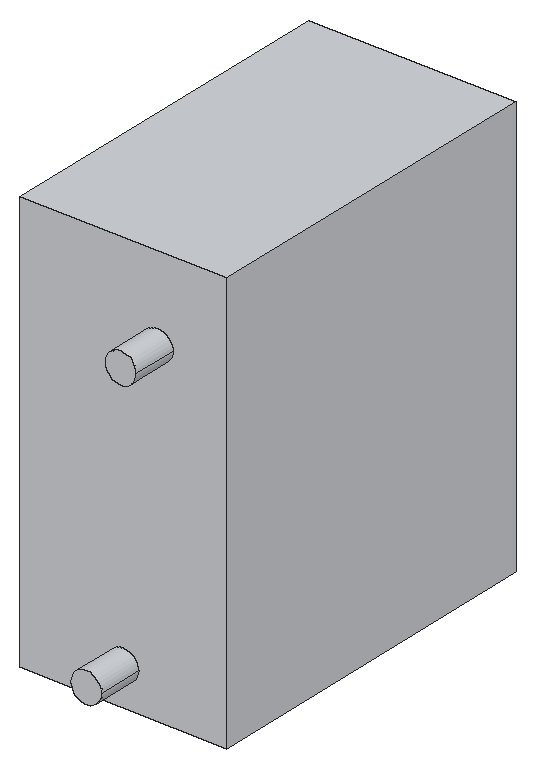
Revit family "M_Serpentina VAV - Água reaquecida - 1 fileira", category Equipamento mecânico, Revit 2019
Family settings
  Cota do conector redondo = Usar raio
  Tipo de parte = Normal
  Número OmniClass = 23.75.70.21.14
  Título OmniClass = Coil Units
  ID de item do Seek = VAV Coil - Reheat Water - 1 Row-0000-CAN-ENU
  Com base no plano de trabalho = Não
  Sempre na vertical = Sim
  Corte com vazios quando carregada = Não
  Compartilhado = Não
  Ponto de cálculo do ambiente = Não
Parameters (values of type "300 mmx350 mm")
  Raio da água = 12.5 mm
  Queda de pressão da água [instance] = 600.0 Pa
  Diâmetro da água = 2 * Raio da água  # 25 mm
  Largura do duto = 172 mm
  Comprimento da serpentina = 300 mm
  Altura do duto = 350 mm
  Fluxo da água quente [instance] = 0.03 L/s
  Altura 1 = 248 mm
  Material da serpentina = none
  Material da caixa = none
  Queda de pressão do ar [instance] = 5.0 Pa
  Fluxo de ar [instance] = 165.0 L/s
Types (5, lengths in mm): name | Queda de pressão da água | Largura do duto | Comprimento da serpentina | Altura do duto | Fluxo da água quente | Altura 1 | Queda de pressão do ar | Fluxo de ar
  (no name) | 600.0 Pa | 172 | 300 | 350 | 0.03 L/s | 248 | 5.0 Pa | 165.0 L/s
  300 mmx350 mm | 600.0 Pa | 172 | 300 | 350 | 0.03 L/s | 248 | 5.0 Pa | 165.0 L/s
  475 mmx400 mm | 689.0 Pa | 273 | 475 | 400 | 0.06 L/s | 350 | 5.0 Pa | 236.0 L/s
  600 mmx400 mm | 1013.0 Pa | 273 | 600 | 400 | 0.06 L/s | 350 | 87.0 Pa | 661.0 L/s
  600 mmx450 mm | 510.0 Pa | 172 | 600 | 450 | 0.06 L/s | 400 | 144.0 Pa | 1133.0 L/s
Reference planes
  plane 1 "Centro (Frente/Trás)": y = 0
  plane 2: z = 0
  plane 3 "Centro (Esquerda/Direita)": x = 0
  plane 4: y = 150
  plane 5: y = -150
  plane 6 "1": x = 86
  plane 7: x = 172
  plane 8: z = 175
  plane 9: z = 350
  plane 10 "3": z = 31.75
  plane 11: x = 85.725
  plane 12: x = 114.3
  plane 13 "2": z = 279.75
  plane 14: y = -188.1
  plane 15: y = 140.475
  plane 16: z = 50.8
  plane 17: z = 304.8
  plane 18: y = 165.875
Forms (mm)
  Extrusion 1, solid, material <- "Material da caixa"
    sketch origin (0, 0, 0) x (1, 0, 0) y (0, 1, 0)
      loop
        line (0, 150) -> (0, -150) -> (172, -150) -> (172, 150) -> (0, 150)
    from 0 to 350
  Extrusion 2, solid, material <- "Material da serpentina"
    sketch origin (0, 0, 0) x (1, 0, 0) y (0, 0, 1)
      loop
        circle (85.725, 31.75) r 12.7
      loop
        circle (114.3, 279.75) r 12.7
    from 150 to 188.1
  Sweep 3, solid, material <- "Material da serpentina"
    path origin (86, 0, 0) x (0, 1, 0) y (0, 0, 1)
      loop
        arc (140.475, 31.75) -> (159.525, 50.8) -> (140.475, 69.85) r 19.05
    profile origin (86, 159.525, 50.8) x (0, -1, 0) y (1, 0, 0)
      loop
        circle (0, 0) r 6.35
  Sweep 4, solid, material <- "Material da serpentina"
    path origin (86, 0, 0) x (0, 1, 0) y (0, 0, 1)
      loop
        arc (140.475, 285.75) -> (159.525, 304.8) -> (140.475, 323.85) r 19.05
    profile origin (86, 159.525, 304.8) x (0, -1, 0) y (1, 0, 0)
      loop
        circle (0, 0) r 6.35
Cuts and joins
  joined: Sweep 3, Sweep 4
Dimensions and locks
  equal spacing: plane 4, plane 1 "Centro (Frente/Trás)", plane 5
  "Comprimento da serpentina": plane 4 to plane 5
  equal spacing: plane 3 "Centro (Esquerda/Direita)", plane 6 "1", plane 7
  "Largura do duto": plane 3 "Centro (Esquerda/Direita)" to plane 7
  equal spacing: plane 9, plane 8, plane 2
  "Altura do duto": plane 9 to plane 2
  locked: plane 10 "3" to plane 2 at 31.75
  locked: plane 11 to plane 3 "Centro (Esquerda/Direita)" at 85.725
  locked: plane 12 to plane 11 at 28.575
  "Altura 1": plane 13 "2" to plane 10 "3"
  locked: plane 5 to plane 14 at 38.1
  locked: plane 4 to plane 15 at 9.525
  locked: plane 16 to plane 2 at 50.8
  locked: plane 16 to plane 17 at 254
  locked: plane 18 to plane 4 at 15.875
  radius of Extrusion 2 sketch curve = 12.7 mm  (x2)
  radius of Sweep 3 sketch curve = 19.05 mm
  radius of Sweep 3 sketch curve = 6.35 mm
  radius of Sweep 4 sketch curve = 19.05 mm
  radius of Sweep 4 sketch curve = 6.35 mm
  aligned and locked: plane 3 "Centro (Esquerda/Direita)" to Extrusion 1 sketch curve
  aligned and locked: Extrusion 1 sketch curve to plane 4
  aligned and locked: plane 5 to Extrusion 1 sketch curve
  aligned and locked: Extrusion 1 sketch curve to plane 7
  aligned and locked: Extrusion 1 to level
  aligned and locked: Extrusion 1 to plane 9
  aligned and locked: plane 10 "3" to Extrusion 2 sketch curve
  aligned and locked: plane 11 to Extrusion 2 sketch curve
  aligned and locked: plane 13 "2" to Extrusion 2 sketch curve
  aligned and locked: plane 12 to Extrusion 2 sketch curve
  aligned and locked: Extrusion 2 to plane 14
  aligned and locked: Extrusion 2 to plane 5
  aligned and locked: plane 15 to Sweep 3 sketch curve
  aligned and locked: plane 16 to Sweep 3 sketch curve
  aligned and locked: plane 15 to Sweep 4 sketch curve
  aligned and locked: plane 17 to Sweep 4 sketch curve
Automatic sketch dimensions
  Sweep 3 sketch curve to plane 6 "1" = 0 mm
  Sweep 3 sketch curve to profile plane = 0 mm
  Sweep 4 sketch curve to plane 6 "1" = 0 mm
  Sweep 4 sketch curve to profile plane = 0 mm
Connectors
  hvac at (0, 0, 175), driven by "Altura do duto", driven by "Comprimento da serpentina", driven by "Fluxo de ar"
    settings: on Extrusion 1, index 3, duct flow 165.0 L/s, flow factor 0, pres drop 0.0 Pa, loss coef 0, conn angle 0.00°, conn width 300 mm, conn height 350 mm, conn diameter 609.6 mm, duct sys type 1, conn prof type 1, flow config 0, flow direction 0, loss method 4, conn ref index 4, conn util no, is conn primary yes, conn desc ""
  hvac at (172, 0, 175), driven by "Altura do duto", driven by "Comprimento da serpentina", driven by "Queda de pressão do ar", driven by "Fluxo de ar"
    settings: on Extrusion 1, index 4, duct flow 165.0 L/s, flow factor 0, pres drop 5.0 Pa, loss coef 0, conn angle 0.00°, conn width 300 mm, conn height 350 mm, conn diameter 609.6 mm, duct sys type 1, conn prof type 1, flow config 0, flow direction 0, loss method 4, conn ref index 3, conn util no, is conn primary no, conn desc ""
  piping at (85.725, -188.1, 31.75), diameter 25, driven by "Fluxo da água quente", driven by "Raio da água"
    settings: on Extrusion 2, index 5, connector inside diameter 25 mm, connector length 0 mm, flow factor 0, pipe flow 0.03 L/s, pressure drop 0.0 Pa, fitting loss kfactor 0, connector angle 0.00°, fixture units 0, engagement length 0 mm, angle of deflection 0.00°, flow configuration 1, flow direction 1, fitting loss method 4, system type 7, joint type 0, gender type 0, connector reference index 6, connector utility 0, adjustable connector no, is connector primary no, connector description "Entrada de água"
  piping at (114.3, -188.1, 279.75), diameter 25, driven by "Queda de pressão da água", driven by "Fluxo da água quente", driven by "Raio da água"
    settings: on Extrusion 2, index 6, connector inside diameter 25 mm, connector length 0 mm, flow factor 0, pipe flow 0.03 L/s, pressure drop 600.0 Pa, fitting loss kfactor 0, connector angle 0.00°, fixture units 0, engagement length 0 mm, angle of deflection 0.00°, flow configuration 1, flow direction 2, fitting loss method 4, system type 8, joint type 0, gender type 0, connector reference index 5, connector utility 0, adjustable connector no, is connector primary yes, connector description "Saída de água"
